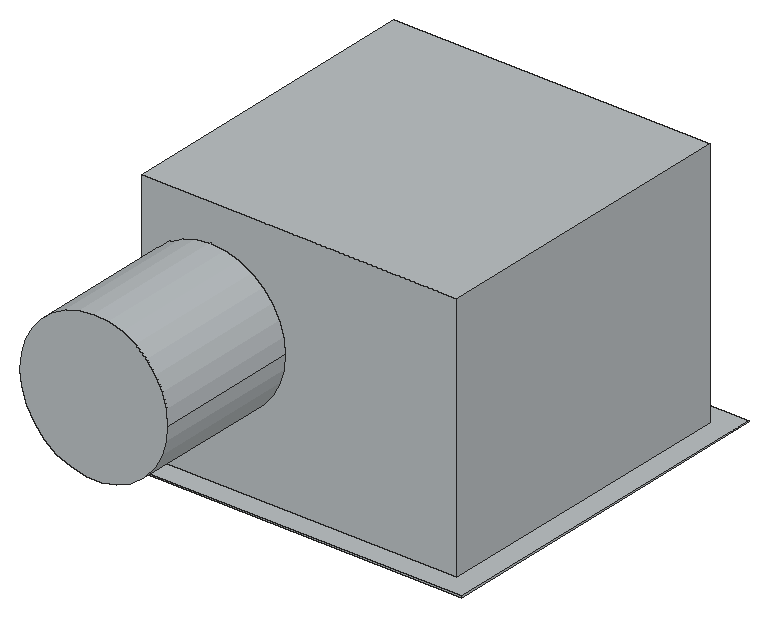
Revit family "vd-15_20zlx(p)14-in_50Hz", category 機械設備, Revit 2019
Family settings
  丸型コネクタ寸法 = 直径を使用
  パーツ タイプ = 標準
  OmniClass 番号 = 23.75.35.17.27
  OmniClass タイトル = Centrifugal Fans
  作業面ベース = いいえ
  常に垂直 = はい
  ロード時にボイドで切り取り = いいえ
  共有 = いいえ
  部屋計算ポイント = はい
Parameters (values of type "VD-20ZLXP14-IN")
  騒音レベル(dB(A)) [instance] = 41.5
  風量 [instance] = 500.0 m³/h
  電源種別 [instance] = ""
  電圧 = 100 V
  電動機出力 = 0 W
  電動機_種別 [instance] = ""
  運転質量 = 0.00 kg
  連動 [instance] = ""
  質量 = if(製品質量 > 運転質量, 製品質量, 運転質量) * 1.2  # 6.12 kg
  負荷分類 = 3_ファン類
  説明 = "ダクト用換気扇 低騒音形 24時間換気機能付 グリル別売タイプ"
  設計風量 [instance] = 0.0 m³/h
  設置方法 = "天埋"
  記号 [instance] = ""
  製造元 = "三菱電機株式会社"
  製品質量 = 5.10 kg
  製品出荷対象 = "国内"
  製品リリース年月 = "2024年6月3日"
  製品グループ = ""
  系統 [instance] = ""
  符号 [instance] = if(☑給気／□排気, "FS", "FE")  # "FE"
  積算_科目 = "2 換気設備"
  積算_拾い区分 [instance] = ""
  相 = 1
  盤記号 [instance] = ""
  発停方法 [instance] = ""
  特殊仕様 [instance] = ""
  火災停止 [instance] = ""
  消費電力 = 54 W
  法定耐用年数 = "15"
  機外静圧 [instance] = 0.0 Pa
  極数 = 2
  材質 [instance] = ""
  操作・制御方式 = ""
  操作・制御スイッチ = ""
  排気量 [instance] = if(☑給気／□排気, 0.0 m³/h, 設計風量)  # 0.0 m³/h
  形式 = "天井埋込ダクト形"
  幹線記号 [instance] = ""
  対象室 [instance] = ""
  実風量 [instance] = 0.0 m³/h
  始動方式 [instance] = "直入"
  外気量 [instance] = if(☑給気／□排気, 設計風量, 0.0 m³/h)  # 0.0 m³/h
  呼称 = "天井扇"
  周波数 = 50 Hz
  参照している仕様書等のバージョン = ""
  分類コード = "50052503100030"
  分類グループ = ""
  価格 = 55400
  企業コード = "108420"
  付属品_防振装置 = ""
  付属品 [instance] = ""
  仕様書バージョン = "Version1.0"
  モデル = "VD-20ZLXP14-IN"
  マテリアル = 鋼板
  ファンの種類 = ""
  ダクト径 = 150 mm
  コメント [instance] = ""
  Keynote = ""
  カバーマテリアル = 合成樹脂(白)
  ☑給気／□排気 [instance] = no
  Width = 307 mm
  W1 = 349 mm
  Version = ""
  Uniclass2015Version = "Systems v1.9"
  Uniclass2015Title = "Centrifugal fans"
  Uniclass2015Code = "Pr_65_67_29_12"
  URL = "https://www.mitsubishielectric.co.jp/ldg/wink/qr/002/333525/"
  SpecificationReference = ""
  SpecificationDescription = ""
  Revision = ""
  ProductInformation = ""
  OmniClassCode = "23-33 31 19 11 15"
  OAサイズ_D = 0 mm
  MIN風量 = 270.0 m³/h
  MIN静圧 = 0.0 Pa
  MID風量 = 0.0 m³/h
  MID静圧 = 0.0 Pa
  MAX風量 = 500.0 m³/h
  MAX静圧 = 0.0 Pa
  IfcTypeProduct = ""
  IfcProduct = ""
  IfcExportType = "PROPELLORAXIAL"
  IfcExportAs = "IfcFanType"
  Height = 243 mm
  H1 = 1 mm
  EAサイズ_D = 144 mm
  Duct_Height = 135 mm
  Duct_Depth = 142 mm
  Duct_Center = 86 mm
  Depth = 307 mm
  D1 = 349 mm
  Author = "三菱電機株式会社"
Types (6, lengths in mm): name | 騒音レベル(dB(A)) | 風量 | 質量 | 製品質量 | 消費電力 | 価格 | モデル | ダクト径 | Width | W1 | URL | MIN風量 | MAX風量 | Height | EAサイズ_D | Duct_Height | Duct_Depth | Duct_Center | Depth | D1
  VD-15ZLX14-IN | 28 | 160.0 m³/h | 3.96 kg | 3.30 kg | 13.5 W | 29800 | "VD-15ZLX14-IN" | 100 | 251 | 303 | "https://www.mitsubishielectric.co.jp/ldg/wink/qr/002/333622/" | 95.0 m³/h | 160.0 m³/h | 204 | 98 | 111 | 114 | 0 | 251 | 303
  VD-15ZLXP14-IN | 34.5 | 210.0 m³/h | 3.96 kg | 3.30 kg | 20 W | 35600 | "VD-15ZLXP14-IN" | 100 | 251 | 303 | "https://www.mitsubishielectric.co.jp/ldg/wink/qr/002/333624/" | 110.0 m³/h | 210.0 m³/h | 204 | 98 | 111 | 114 | 0 | 251 | 303
  VD-18ZLX14-IN | 29.5 | 300.0 m³/h | 5.16 kg | 4.30 kg | 25.5 W | 43900 | "VD-18ZLX14-IN" | 150 | 270 | 312 | "https://www.mitsubishielectric.co.jp/ldg/wink/qr/002/333657/" | 155.0 m³/h | 300.0 m³/h | 243 | 144 | 135 | 142 | 67 | 270 | 312
  VD-18ZLXP14-IN | 33 | 350.0 m³/h | 5.76 kg | 4.80 kg | 33 W | 45400 | "VD-18ZLXP14-IN" | 150 | 307 | 349 | "https://www.mitsubishielectric.co.jp/ldg/wink/qr/002/333659/" | 180.0 m³/h | 350.0 m³/h | 243 | 144 | 135 | 142 | 86 | 307 | 349
  VD-20ZLX14-IN | 35.5 | 400.0 m³/h | 5.76 kg | 4.80 kg | 42 W | 50100 | "VD-20ZLX14-IN" | 150 | 307 | 349 | "https://www.mitsubishielectric.co.jp/ldg/wink/qr/002/333523/" | 210.0 m³/h | 400.0 m³/h | 243 | 144 | 135 | 142 | 86 | 307 | 349
  VD-20ZLXP14-IN | 41.5 | 500.0 m³/h | 6.12 kg | 5.10 kg | 54 W | 55400 | "VD-20ZLXP14-IN" | 150 | 307 | 349 | "https://www.mitsubishielectric.co.jp/ldg/wink/qr/002/333525/" | 270.0 m³/h | 500.0 m³/h | 243 | 144 | 135 | 142 | 86 | 307 | 349
Reference planes
  plane 1 "中心(正面/背面)": y = 0
  plane 2: z = 0
  plane 3 "中心(左/右)": x = 0
  plane 4: x = -174.5
  plane 5: x = 174.5
  plane 6: y = 174.5
  plane 7: y = -174.5
  plane 8: x = -153.5
  plane 9: x = 153.5
  plane 10: y = 153.5
  plane 11: y = -153.5
  plane 12: y = -295.5
  plane 13: z = 243
  plane 14: z = -1
  plane 15: z = 135
  plane 16: x = -86
Forms (mm)
  Extrusion 1, solid, material "鋼板" <- "マテリアル", detail levels fine
    sketch origin (0, 0, 0) x (1, 0, 0) y (0, 1, 0)
      loop
        line (-153.5, 153.5) -> (-153.5, -153.5) -> (153.5, -153.5) -> (153.5, 153.5) -> (-153.5, 153.5)
    from 0 to 243
  Extrusion 2, solid, material "鋼板" <- "マテリアル", detail levels fine
    sketch origin (0, 0, 0) x (1, 0, 0) y (0, 1, 0)
      loop
        line (-174.5, 174.5) -> (-174.5, -174.5) -> (174.5, -174.5) -> (174.5, 174.5) -> (-174.5, 174.5)
    from 0 to -1
  Extrusion 3, solid, material "鋼板" <- "マテリアル", detail levels fine
    sketch origin (0, 0, 0) x (1, 0, 0) y (0, 0, 1)
      loop
        circle (-86, 135) r 72
    from 153.5 to 295.5
Dimensions and locks
  equal spacing: plane 4, plane 3 "中心(左/右)", plane 5
  "W1": plane 4 to plane 5
  equal spacing: plane 6, plane 1 "中心(正面/背面)", plane 7
  "D1": plane 6 to plane 7
  equal spacing: plane 8, plane 3 "中心(左/右)", plane 9
  "Width": plane 8 to plane 9
  equal spacing: plane 10, plane 1 "中心(正面/背面)", plane 11
  "Depth": plane 10 to plane 11
  "Duct_Depth": plane 11 to plane 12
  "Height": plane 13 to plane 2
  "Duct_Height": plane 15 to plane 2
  "H1": plane 2 to plane 14
  "Duct_Center": plane 3 "中心(左/右)" to plane 16
  "EAサイズ_D": diameter of Extrusion 3 sketch curve
  aligned and locked: level to plane 2
  aligned and locked: plane 5 to Extrusion 2
  aligned and locked: plane 6 to Extrusion 2
  aligned and locked: Extrusion 2 to plane 4
  aligned and locked: Extrusion 2 to plane 7
  aligned and locked: plane 9 to Extrusion 1
  aligned and locked: Extrusion 1 to plane 11
  aligned and locked: Extrusion 1 to plane 8
  aligned and locked: plane 10 to Extrusion 1
  aligned and locked: plane 13 to Extrusion 1
  aligned and locked: Extrusion 2 to plane 14
  aligned and locked: level to Extrusion 2
  aligned and locked: Extrusion 1 to level
  aligned and locked: Extrusion 3 to plane 12
  aligned and locked: plane 11 to Extrusion 3
Automatic sketch dimensions
  Extrusion 1 sketch curve to plane 3 "中心(左/右)" = 153.5 mm
  plane 3 "中心(左/右)" to Extrusion 1 sketch curve = 153.5 mm
  Extrusion 2 sketch curve to plane 3 "中心(左/右)" = 174.5 mm
  plane 3 "中心(左/右)" to Extrusion 2 sketch curve = 174.5 mm
  plane 1 "中心(正面/背面)" to Extrusion 1 sketch curve = 153.5 mm
  Extrusion 1 sketch curve to plane 1 "中心(正面/背面)" = 153.5 mm
  plane 1 "中心(正面/背面)" to Extrusion 2 sketch curve = 174.5 mm
  Extrusion 2 sketch curve to plane 1 "中心(正面/背面)" = 174.5 mm
  Extrusion 3 sketch curve to plane 15 = 0 mm
  Extrusion 3 sketch curve to plane 16 = 0 mm
Nested families
  nested 1: "記号_天井換気扇_平面" at (0, 0, 0), type "記号_天井換気扇_平面", detail levels coarse+medium
Connectors
  hvac at (-86, -295.5, 135), driven by "ダクト径", driven by "風量", driven by "機外静圧"
    settings: on Extrusion 3, index 1, duct flow 500.0 m³/h, flow factor 0, pres drop 0.0 Pa, loss coef 0, conn angle 0.00°, conn width 304.8 mm, conn height 304.8 mm, conn diameter 150 mm, duct sys type 3, conn prof type 0, flow config 0, flow direction 2, loss method 4, conn ref index -1, conn util no, is conn primary yes, conn desc ""
  electrical at (0, 0, 243), driven by "極数", driven by "負荷分類", driven by "電圧", driven by "消費電力"
    settings: on Extrusion 1, index 2, voltage 100 V, apparent load 54 VA, apparent load phase1 0 VA, apparent load phase2 0 VA, apparent load phase3 0 VA, power factor 1, load classification "3_ファン類", number of poles 2, system type 30, power factor state 1, is connector primary yes, connector utility no, sub classification motor no, connector description ""
Definition of nested family "記号_天井換気扇_平面"
  Reference planes
    plane 1: y = 0
    plane 2: x = 0
  Lines and regions (mm)
    detail lines
      curve 1: line (-2.5, 2.5, 0) -> (2.5, 2.5, 0)
      curve 2: line (-2.5, -2.5, 0) -> (-2.5, 2.5, 0)
      curve 3: line (2.5, -2.5, 0) -> (-2.5, -2.5, 0)
      curve 4: line (2.5, 2.5, 0) -> (2.5, -2.5, 0)
      curve 5: circle (-1.04, -1.04, 0) r 1.46 normal (0, 0, 1)
      curve 6: circle (1.04, 1.04, 0) r 1.46 normal (0, 0, 1)
      curve 7: line (-3.125, 3.125, 0) -> (3.125, 3.125, 0)
      curve 8: line (-3.125, -3.125, 0) -> (-3.125, 3.125, 0)
      curve 9: line (3.125, -3.125, 0) -> (-3.125, -3.125, 0)
      curve 10: line (3.125, 3.125, 0) -> (3.125, -3.125, 0)
      curve 11: circle (1.295, 1.295, 0) r 1.83 normal (0, 0, 1)
      curve 12: circle (-1.295, -1.295, 0) r 1.83 normal (0, 0, 1)
      curve 13: line (-2, 2, 0) -> (2, 2, 0)
      curve 14: line (-2, -2, 0) -> (-2, 2, 0)
      curve 15: line (2, -2, 0) -> (-2, -2, 0)
      curve 16: line (2, 2, 0) -> (2, -2, 0)
      curve 17: circle (0.84, 0.84, 0) r 1.16 normal (0, 0, 1)
      curve 18: circle (-0.84, -0.84, 0) r 1.2 normal (0, 0, 1)
